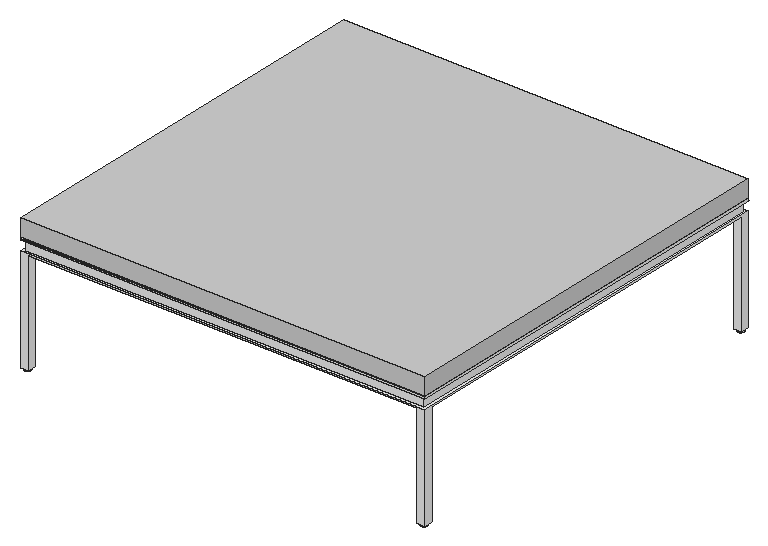
Revit family
Parameters
  Width = 2' - 8"  # constant formula
  Upholstery (Body) [instance] = Furniture - DECCA (Elan) - Span - Upholstery
  URL = "http://elanbydecca.com/"
  Upholstery (Seat) [instance] = Furniture - DECCA (Elan) - Span - Upholstery
  Top [instance] = Furniture - DECCA (Elan) - Span - Body
  Base [instance] = Furniture - DECCA (Elan) - Span - Base
  Product URL = "http://elanbydecca.com/PDFs/elan_tearsheet-span.pdf"
  Model = "DG CT140"
  Manufacturer = "Decca Contract"
  Height = 0' - 10 3/4"  # constant formula
  Description = "Span Coffee Table"
  Depth = 2' - 8"  # constant formula
  Assembly Description = "Furniture & Accessories"
  Assembly Code = "E2020200"
Reference planes (in)
  plane 1 "Center Front/Back": y = -0.7524
  plane 2: z = 0
  plane 3 "Center Left/Right": x = 0
  plane 4 "L": x = -16
  plane 5 "R": x = 16
  plane 6 "F": y = -16.7524
  plane 7: y = 15.2476
  plane 8: through (-6.25338, 2.33237, 23.38953) normal (0.4297, -0.4297, 0.7941)
  plane 9: z = 10.75
  plane 10: x = 14.58682
  plane 11: x = -14.58682
  plane 12: y = -15.33922
  plane 13: y = 13.83442
  plane 14: z = 10.75
  plane 15: z = 9.40042
  plane 16: z = 9.31045
  plane 17: z = 9.19049
  plane 18: z = 8.44071
  plane 19 "BR": z = 8.32075
  plane 20: z = 0.14995
  plane 21: x = -15.34233
  plane 22: x = 15.34233
  plane 23: y = 14.58631
  plane 24: y = -16.09111
  plane 25 "fl": y = -16.42176
  plane 26 "bl": y = 14.91696
  plane 27: x = -15.67117
  plane 28: x = 15.67117
Forms (in)
  Sweep 1, solid, material "Furniture - DECCA (Elan) - Span - Base" <- "Base"
    path origin (0, 0, 8.32075) x (0, -1, 0) y (1, 0, 0)
      loop
        line (-13.83442, -14.58682) -> (15.33922, -14.58682) -> (15.33922, 14.58682) -> (-13.83442, 14.58682) -> (-13.83442, -14.58682)
    profile origin (-14.58682, -0.7524, 8.32075) x (1, 0, 0) y (0, 0, 1)
      loop
        line (0, 0.11996) -> (-0.45349, 0.11996) -> (-0.45349, 0.9897) -> (-0.63343, 0.9897) -> (-0.63343, 1.07968) -> (-1.23324, 1.07968) -> (-1.23324, 0.9897) -> (-1.41318, 0.9897) -> (-1.41318, 0.86974) -> (-1.17326, 0.86974) -> (-1.17326, 0.11996) -> (-1.41318, 0.11996) -> (-1.41318, 0) -> (0, 0) -> (0, 0.11996)
  Extrusion 2, solid, material "Furniture - DECCA (Elan) - Span - Base" <- "Base"
    sketch origin (0, 0, 8.32075) x (0, -1, 0) y (1, 0, 0)
      loop
        line (-15.2476, -16) -> (-14.58631, -16) -> (-14.58631, -15.34233) -> (-15.2476, -15.34233) -> (-15.2476, -16)
      loop
        line (16.7524, -16) -> (16.7524, -15.34233) -> (16.09111, -15.34233) -> (16.09111, -16) -> (16.7524, -16)
      loop
        line (-15.2476, 15.34233) -> (-14.58631, 15.34233) -> (-14.58631, 16) -> (-15.2476, 16) -> (-15.2476, 15.34233)
      loop
        line (16.09111, 15.34233) -> (16.7524, 15.34233) -> (16.7524, 16) -> (16.09111, 16) -> (16.09111, 15.34233)
    from -8.17079 to 0
  Revolve 3, solid, material "Furniture - DECCA (Elan) - Span - Base" <- "Base"
    sketch origin (0, -16.42176, 0) x (1, 0, 0) y (0, 0, 1)
      loop
        line (-15.67117, 0) -> (-15.67117, 0.14995) -> (-15.93752, 0.14995) -> (-15.93752, 0.06366)
        arc (-15.93752, 0.06366) -> (-15.91887, 0.01865) -> (-15.87386, 0) r 0.06366
        line (-15.87386, 0) -> (-15.67117, 0)
      axis (-15.67117, 0.14995) -> (-15.67117, 0)
    angle from 0 to 360
  Revolve 4, solid, material "Furniture - DECCA (Elan) - Span - Base" <- "Base"
    sketch origin (0, 14.91696, 0) x (1, 0, 0) y (0, 0, 1)
      loop
        line (-15.67117, 0) -> (-15.67117, 0.14995) -> (-15.93752, 0.14995) -> (-15.93752, 0.06366)
        arc (-15.93752, 0.06366) -> (-15.91887, 0.01865) -> (-15.87386, 0) r 0.06366
        line (-15.87386, 0) -> (-15.67117, 0)
      axis (-15.67117, 0.14995) -> (-15.67117, 0)
    angle from 0 to 360
  Revolve 5, solid, material "Furniture - DECCA (Elan) - Span - Base" <- "Base"
    sketch origin (0, -16.42176, 0) x (1, 0, 0) y (0, 0, 1)
      loop
        line (15.67117, 0) -> (15.67117, 0.14995) -> (15.40482, 0.14995) -> (15.40482, 0.06366)
        arc (15.40482, 0.06366) -> (15.42346, 0.01865) -> (15.46848, 0) r 0.06366
        line (15.46848, 0) -> (15.67117, 0)
      axis (15.67117, 0.14995) -> (15.67117, 0)
    angle from 0 to 360
  Revolve 6, solid, material "Furniture - DECCA (Elan) - Span - Base" <- "Base"
    sketch origin (0, 14.91696, 0) x (1, 0, 0) y (0, 0, 1)
      loop
        line (15.67117, 0) -> (15.67117, 0.14995) -> (15.40482, 0.14995) -> (15.40482, 0.06366)
        arc (15.40482, 0.06366) -> (15.42346, 0.01865) -> (15.46848, 0) r 0.06366
        line (15.46848, 0) -> (15.67117, 0)
      axis (15.67117, 0.14995) -> (15.67117, 0)
    angle from 0 to 360
  Extrusion 7, solid, material "Furniture - DECCA (Elan) - Span - Body" <- "Top"
    sketch origin (0, 0, 8.32075) x (0, -1, 0) y (1, 0, 0)
      loop
        line (-15.2476, -16) -> (16.7524, -16) -> (16.7524, 16) -> (-15.2476, 16) -> (-15.2476, -16)
    from 1.07968 to 2.42925
Cuts and joins
  joined: Sweep 1, Extrusion 2, Revolve 3, Revolve 4, Revolve 5, Revolve 6
Dimensions and locks (in)
  equal spacing: plane 4 "L", plane 3 "Center Left/Right", plane 5 "R"
  equal spacing: plane 7, plane 1 "Center Front/Back", plane 6 "F"
  "Width": plane 4 "L" to plane 5 "R"
  "Depth": plane 7 to plane 6 "F"
  "Height": plane 9 to level
  locked: plane 10 to plane 5 "R" at 1.41318
  locked: plane 4 "L" to plane 11 at 1.41318
  locked: plane 13 to plane 7 at 1.41318
  locked: plane 6 "F" to plane 12 at 1.41318
  locked: plane 20 to level at 0.14995
  plane 14 to plane 15 to plane 16 to plane 17 to plane 18 to plane 19 "BR" = 0' - 1.34958" locked, 0' - 0.08997" locked, 0' - 0.11996" locked, 0' - 0.74978" locked, 0' - 0.11996" locked
  plane 4 "L" to plane 27 to plane 21 = 0' - 0.32883" locked, 0' - 0.32883" locked
  plane 22 to plane 28 to plane 5 "R" = 0' - 0.32883" locked, 0' - 0.32883" locked
  plane 23 to plane 26 "bl" to plane 7 = 0' - 0.33064" locked, 0' - 0.33064" locked
  plane 24 to plane 25 "fl" to plane 6 "F" = 0' - 0.33064" locked, 0' - 0.33064" locked
  "Height": plane 14 to level
  aligned and locked: Sweep 1 sketch curve to plane 11
  aligned and locked: plane 13 to Sweep 1 sketch curve
  aligned and locked: plane 10 to Sweep 1 sketch curve
  aligned and locked: Sweep 1 sketch curve to plane 12
  aligned and locked: profile plane to Sweep 1 sketch curve
  aligned and locked: Sweep 1 sketch curve to plane 19 "BR"
  aligned and locked: Sweep 1 sketch curve to plane 18
  aligned and locked: Sweep 1 sketch curve to plane 4 "L"
  aligned and locked: Sweep 1 sketch curve to plane 17
  aligned and locked: Sweep 1 sketch curve to plane 16
  aligned and locked: plane 4 "L" to Extrusion 2 sketch curve
  aligned and locked: plane 21 to Extrusion 2 sketch curve
  aligned and locked: plane 7 to Extrusion 2 sketch curve
  aligned and locked: plane 6 "F" to Extrusion 2 sketch curve
  aligned and locked: Extrusion 2 sketch curve to plane 22
  aligned and locked: Extrusion 2 sketch curve to plane 5 "R"
  aligned and locked: Extrusion 2 to plane 19 "BR"
  aligned and locked: plane 7 to Extrusion 7 sketch curve
  aligned and locked: plane 4 "L" to Extrusion 7 sketch curve
  aligned and locked: Extrusion 7 sketch curve to plane 5 "R"
  aligned and locked: plane 6 "F" to Extrusion 7 sketch curve
  aligned and locked: plane 15 to Extrusion 7
  aligned and locked: Extrusion 7 to plane 14
  aligned and locked: plane 20 to Extrusion 2
Automatic sketch dimensions
  Sweep 1 sketch curve to Sweep 1 sketch curve = 0' - 0"
  Sweep 1 sketch curve to Sweep 1 sketch curve = 0' - 0.17994"
  Sweep 1 sketch curve to Sweep 1 sketch curve = 0' - 0.05998"
  Sweep 1 sketch curve to Sweep 1 sketch curve = 0' - 0.53983"
  profile plane to Sweep 1 sketch curve = 0' - 0.45349"
  Sweep 1 sketch curve to plane 19 "BR" = 0' - 0.11996"
  Sweep 1 sketch curve to Sweep 1 sketch curve = 0' - 0.11996"
  Sweep 1 sketch curve to Sweep 1 sketch curve = 0' - 0.08997"
  Extrusion 2 sketch curve to plane 7 = 0' - 0"
  plane 23 to Extrusion 2 sketch curve = 0' - 0"  (x2)
  Extrusion 2 sketch curve to plane 22 = 0' - 0"
  Extrusion 2 sketch curve to plane 24 = 0' - 0"  (x2)
  Extrusion 2 sketch curve to plane 4 "L" = 0' - 0"
  Extrusion 2 sketch curve to plane 6 "F" = 0' - 0"
  Extrusion 2 sketch curve to plane 21 = 0' - 0"
  Extrusion 2 sketch curve to plane 5 "R" = 0' - 0"
  Revolve 3 sketch curve to plane 20 = 0' - 0"
  Revolve 3 sketch curve to level = 0' - 0"
  Revolve 3 sketch curve to plane 27 = 0' - 0"  (x2)
  Revolve 3 sketch curve to plane 4 "L" = 0' - 0.12614"
  Revolve 3 sketch curve to plane 4 "L" = 0' - 0 1/16"
  level to Revolve 3 sketch curve = 2' - 0"
  Revolve 3 sketch curve to plane 9 = 7' - 0.58184"
  Revolve 4 sketch curve to plane 20 = 0' - 0"
  Revolve 4 sketch curve to level = 0' - 0"
  Revolve 4 sketch curve to plane 27 = 0' - 0"  (x2)
  plane 4 "L" to Revolve 4 sketch curve = 0' - 0.12614"
  plane 4 "L" to Revolve 4 sketch curve = 0' - 0 1/16"
  Revolve 4 sketch curve to level = 2' - 0"
  plane 9 to Revolve 4 sketch curve = 7' - 0.58184"
  Revolve 5 sketch curve to plane 20 = 0' - 0"
  Revolve 5 sketch curve to level = 0' - 0"
  plane 28 to Revolve 5 sketch curve = 0' - 0"
  Revolve 5 sketch curve to plane 28 = 0' - 0"
  plane 22 to Revolve 5 sketch curve = 0' - 0.12614"
  plane 22 to Revolve 5 sketch curve = 0' - 0 1/16"
  level to Revolve 5 sketch curve = 2' - 0"
  Revolve 5 sketch curve to plane 9 = 7' - 0.58184"
  Revolve 6 sketch curve to plane 20 = 0' - 0"
  Revolve 6 sketch curve to level = 0' - 0"
  plane 28 to Revolve 6 sketch curve = 0' - 0"  (x2)
  Revolve 6 sketch curve to plane 22 = 0' - 0.12614"
  Revolve 6 sketch curve to plane 22 = 0' - 0 1/16"
  Revolve 6 sketch curve to level = 2' - 0"
  plane 9 to Revolve 6 sketch curve = 7' - 0.58184"
